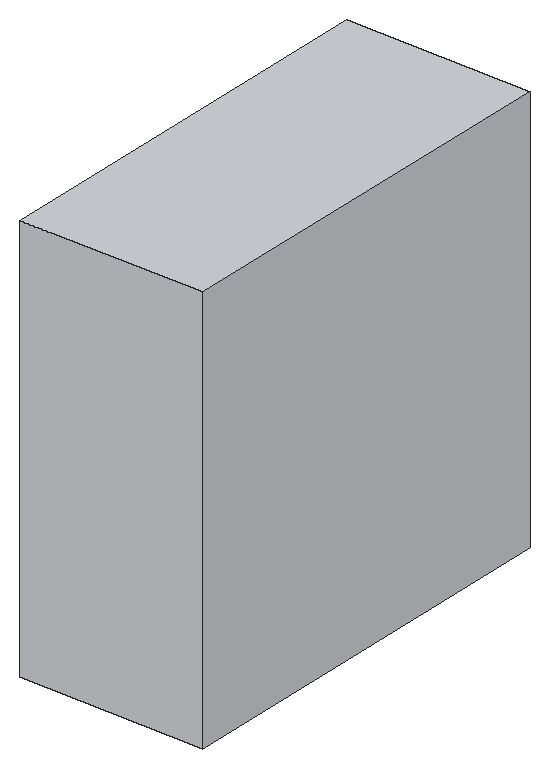
Revit family "8049fc11f9d04dc691acc11c4acaabe1", category Pipe Fittings, Revit 2021
Family settings
  Round Connector Dimension = Use Radius
  Part Type = Cap
  OmniClass Number = 23.60.30.11.14
  OmniClass Title = Pipework Fittings
  Seek Item ID = Plug - PVC - Sch 40-0000-USA-ENU
  Work Plane-Based = No
  Always vertical = Yes
  Cut with Voids When Loaded = No
  Shared = No
Parameters (values of type "Standard")
  Spigot Length [instance] = size_lookup(Lookup Table Name, "SLgt", 0.4 * Nominal Diameter + 43/64", Nominal Diameter)  # 3/4"
  Nominal Radius [instance] = 1/4"
  Nominal Diameter [instance] = Nominal Radius * 2  # 1/2"
  Loss Method = Not Defined
  Lookup Table Name = "Plug - PVC - Sch 40"
  Height [instance] = size_lookup(Lookup Table Name, "Hgt", 0.51 * Nominal Diameter + 207/256", Nominal Diameter)  # 0.938"
  Head Width [instance] = 0.5 * Fitting Outside Diameter  # 0.42"
  Head Height [instance] = Height - Spigot Length  # 0.188"
  Fitting Outside Radius [instance] = Fitting Outside Diameter / 2  # 0.42"
  Fitting Outside Diameter [instance] = size_lookup(Lookup Table Name, "FOD", 1.05 * Nominal Diameter + 19/64", Nominal Diameter)  # 0.84"
  Default Elevation = 0' - 0"
Reference planes (in)
  plane 1 "Center (Front/Back)": y = 0
  plane 2: z = 0
  plane 3 "Center (Left/Right)": x = 0
  plane 4: x = 0.188
  plane 5: y = 0.21
  plane 6: y = -0.21
  plane 7: z = 0.21
  plane 8: z = -0.21
Forms (in)
  Extrusion 1, solid, detail levels fine
    sketch origin (0, 0, 0) x (1, 0, 0) y (0, 1, 0)
      loop
        line (0, 0.21) -> (0, -0.21) -> (0.188, -0.21) -> (0.188, 0.21) -> (0, 0.21)
    from -0.21 to 0.21
Lines and regions (in)
  model lines, detail levels coarse+medium
    curve 1: line (0, 0.21, 0) -> (0.188, 0.21, 0)
    curve 2: line (0.188, 0.21, 0) -> (0.188, -0.21, 0)
    curve 3: line (0, -0.21, 0) -> (0.188, -0.21, 0)
Dimensions and locks (in)
  "Head Height": plane 3 "Center (Left/Right)" to plane 4
  equal spacing: plane 5, plane 1 "Center (Front/Back)", plane 6
  "Head Width": plane 5 to plane 6
  equal spacing: plane 7, plane 2, plane 8
  "Head Width": plane 7 to plane 8
  aligned and locked: Extrusion 1 sketch curve to plane 5
  aligned and locked: Extrusion 1 sketch curve to plane 4
  aligned and locked: plane 6 to Extrusion 1 sketch curve
  aligned and locked: plane 3 "Center (Left/Right)" to Extrusion 1 sketch curve
  aligned and locked: plane 7 to Extrusion 1
  aligned and locked: plane 8 to Extrusion 1
  aligned and locked: plane 3 "Center (Left/Right)" to curve 1
  aligned and locked: curve 1 to plane 5
  aligned and locked: curve 2 to plane 4
  aligned and locked: plane 5 to curve 2
  aligned and locked: plane 6 to curve 2
  aligned and locked: plane 3 "Center (Left/Right)" to curve 3
  aligned and locked: plane 4 to curve 3
  aligned and locked: curve 3 to plane 6
Connectors (in)
  piping at (0, 0, 0), diameter 0.5, driven by "Nominal Radius"
    settings: on Extrusion 1, index 1, connector inside diameter 1/2", connector length 0' - 0", flow factor 0, pipe flow 0 GPM, pressure drop 0.00 psi, fitting loss kfactor 0, connector angle 0.00°, fixture units 0, engagement length 0' - 0", angle of deflection 0.00°, flow configuration 0, flow direction 0, fitting loss method 0, system type 28, joint type 0, gender type 0, connector reference index -1, connector utility 0, adjustable connector no, is connector primary yes, connector description ""
